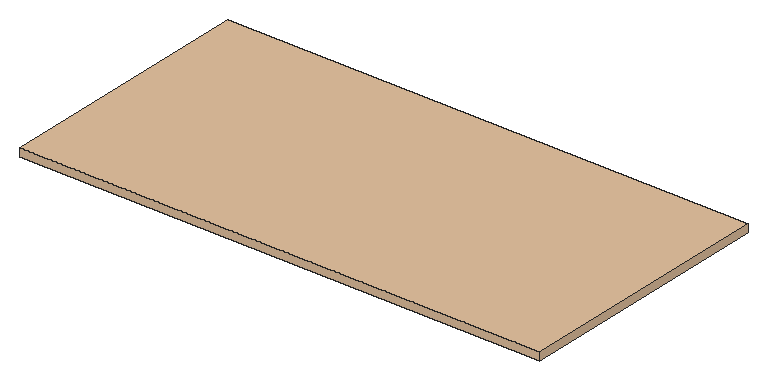
Revit family "M_Topo da bancada-Ilha", category Componentes de gabinete, Revit 2019
Family settings
  Número OmniClass = 23.40.35.17.47.11
  Título OmniClass = Kitchen Casework
  ID de item do Seek = Counter Top-Island-0000-CAN-ENU
  Com base no plano de trabalho = Não
  Sempre na vertical = Sim
  Corte com vazios quando carregada = Não
  Compartilhado = Sim
  Ponto de cálculo do ambiente = Não
Parameters (values of type "Profundidade 1220 mm")
  Espessura da bancada = 40 mm
  Material do topo da bancada = none
  Depth [instance] = 1250 mm
  Altura = 900 mm
  Comprimento [instance] = 2500 mm
Reference planes
  plane 1 "Parte posterior": y = 0
  plane 2: z = 0
  plane 3 "Esquerda": x = -1200.462
  plane 4 "Direita": x = 1299.538
  plane 5 "Parte frontal": y = -1224.6
  plane 6 "Superior": z = 900
  plane 7 "Topo do armário": z = 860
  plane 8: y = 25.4
  plane 9: y = -1199.2
Forms (mm)
  Extrusion 1, solid, material <- "Material do topo da bancada"
    sketch origin (0, 0, 0) x (1, 0, 0) y (0, 1, 0)
      loop
        line (-1200.462, 25.4) -> (-1200.462, -1224.6) -> (1299.538, -1224.6) -> (1299.538, 25.4) -> (-1200.462, 25.4)
    from 860 to 900
Lines and regions (mm)
  Masking region 1
    outline origin (0, 0, 860) x (0, -1, 0) y (1, 0, 0)
      loop
        line (-25.4, -1200.462) -> (1224.6, -1200.462) -> (1224.6, 1299.538) -> (-25.4, 1299.538) -> (-25.4, -1200.462)
Dimensions and locks
  "Comprimento": plane 3 "Esquerda" to plane 4 "Direita"
  "Altura": level to plane 6 "Superior"
  "Espessura da bancada": plane 7 "Topo do armário" to plane 6 "Superior"
  "Depth": plane 5 "Parte frontal" to plane 8
  locked: plane 1 "Parte posterior" to plane 8 at 25.4
  locked: plane 5 "Parte frontal" to plane 9 at 25.4
  aligned and locked: plane 4 "Direita" to Extrusion 1 sketch curve
  aligned and locked: Extrusion 1 sketch curve to plane 3 "Esquerda"
  aligned and locked: Extrusion 1 to plane 6 "Superior"
  aligned and locked: plane 7 "Topo do armário" to Extrusion 1
  aligned and locked: plane 8 to Extrusion 1 sketch curve
  aligned and locked: Extrusion 1 sketch curve to plane 5 "Parte frontal"
  aligned and locked: plane 4 "Direita" to Masking region 1 sketch curve
  aligned and locked: plane 8 to Masking region 1 sketch curve
  aligned and locked: Masking region 1 sketch curve to plane 3 "Esquerda"
  aligned and locked: Masking region 1 sketch curve to plane 5 "Parte frontal"
